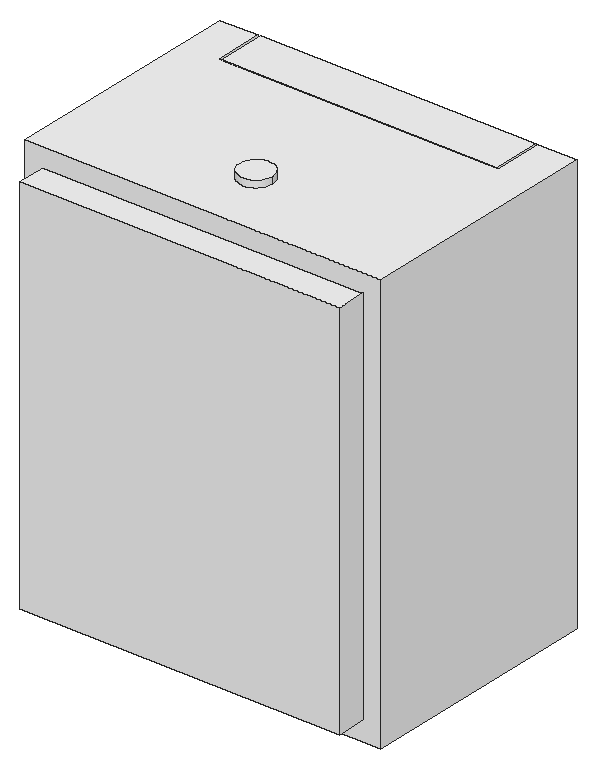
Revit family "Gira_010631", category Electrical Fixtures, host Wall, Revit 2017
Family settings
  Host = Wall
  Maintain Annotation Orientation = No
  Round Connector Dimension = Use Diameter
  Part Type = Normal
  OmniClass Number = 23.80.00.00
  OmniClass Title = Electric Power and Lighting
  Always vertical = Yes
  Cut with Voids When Loaded = No
  Shared = No
  Room Calculation Point = No
Parameters (values of type "Rocker sw. off/2-way in.sp. WD surface-mounted grey")
  With mounting plate = no
  Wiring system = "Two-way switch"
  White = White
  Washing machine switch = no
  URL = "https://www.gira.de/"
  Type of lighting = "Not included"
  Type of fastening = "Screw mounting"
  Type Comments = ""
  Surface protection = "Sonstige (*de-DE)"
  Suitable for degree of protection (IP) = "IP66"
  Rated current [Ampere] = 10
  Push button switch = no
  Number of rockers = 1
  Number of modules (module system) = 1
  Nominal voltage [Volt] Number = 250
  Model = ""
  Method of operation = "Rocker/button"
  Material quality = "Sonstige (*de-DE)"
  Material = "Sonstige (*de-DE)"
  Manufacturer = "Gira"
  Label space/information surface = "yes"
  Keynote = ""
  Illumination = "yes"
  HeinzeBIM = "https://www.heinze.de/bim/rocker-sw-off-2-way-in-sp-wd-surface-mounted-grey/28ee3de765269b3a1d2b4c9ef07b6f8e0d244692"
  Halogen free = no
  HAN = "010631"
  GTIN = "4010337106319"
  Function lighting = "Illuminated (on)"
  Feedback-signal contact = no
  Description = "Rock.sw.off 2-w WT SM GY Rocker switch 10 AX 250 V~ with inscription space Universal off 2-way switch grey Notes : - Can also be connected with illumination."
  Cost = 0
  Connection type = "Plug clamp"
  Colour = "Grey"
  BIMSITE_PRODUCT_ID = "28ee3de765269b3a1d2b4c9ef07b6f8e0d244692"
  BIM = "https://media.live.bim.site/t/eyJhbGciOiJIUzI1NiIsInR5cCI6IkpXVCJ9.eyJjdCI6MSwidGYiOiJwdWJsaWMvZ2lyYS8wOWY1ZGI1L0lQNDRfS29tcGxldHRnZXLDpHRfU2NoYWx0ZW4gdW5kIFRhc3Rlbi5yZmEiLCJjaWQiOiJmZWQ5OGU5YS0xYmQ4LTRjNjgtYTczYi03NGE5NGUzMTU4MjMiLCJyaWQiOiJiOWY2MjgxNTQzZTcwZjY2NzA5YmU0M2RlZDNjNjA1OCIsInBpZCI6IjI4ZWUzZGU3NjUyNjliM2ExZDJiNGM5ZWYwN2I2ZjhlMGQyNDQ2OTIiLCJzaWQiOiI2MzQ3MCIsInV0Ijo1LCJsYyI6ImVuIiwiaWF0IjoxNjA3NTI0MzQyLCJpc3MiOiJodHRwczovL2FwaS5saXZlLmJpbS5zaXRlIiwic3ViIjoiOGQzYWE1Y2ItZTA2Ni00NTk4LWJlMTYtNmUxNmVlNzQ5NTZhIn0.cbj4taQzG8LjQ0sPdSjZqVV77uv9vpGGLuM-6oA_xpw/IP44_Komplettgerät_Schalten und Tasten.rfa"
  Assembly arrangement = "Basic element with complete housing"
  Assembly Code = ""
Reference planes
  plane 1: y = 0
  plane 2 "Center (Left/Right)": x = 125
  plane 3 "Back": y = 75
Forms (mm)
  Extrusion 1, solid, material "White" <- "White", detail levels fine
    sketch origin (0, 75, 0) x (1, 0, 0) y (0, 0, 1)
      loop
        line (154.5, 90) -> (95.5, 90) -> (95.5, 85.5) -> (154.5, 85.5) -> (154.5, 90)
    from -52.3 to -41.9
  Extrusion 2, solid, material "White" <- "White", detail levels fine
    sketch origin (0, 75, 0) x (1, 0, 0) y (0, 0, 1)
      loop
        line (154.5, 72) -> (154.5, 85) -> (95.5, 85) -> (95.5, 72) -> (154.5, 72)
    from -52.3 to -41.9
  Extrusion 3, solid, material "White" <- "White", detail levels medium+fine
    sketch origin (0, 75, 0) x (1, 0, 0) y (0, 0, 1)
      loop
        line (159.2, 86) -> (90.8, 86) -> (90.8, 4) -> (159.2, 4) -> (159.2, 86)
    from 0 to 6.2
  Extrusion 4, solid, material "White" <- "White", detail levels fine
    sketch origin (0, 75, 0) x (1, 0, 0) y (0, 0, 1)
      loop
        line (163.2, 90) -> (86.8, 90) -> (86.8, 0) -> (163.2, 0) -> (163.2, 90)
    from 0 to -52.3
  Extrusion 5, void
    sketch origin (0, 75, 0) x (1, 0, 0) y (0, 0, 1)
      loop
        line (95, 90.5) -> (95, 8.6) -> (155, 8.6) -> (155, 90.5) -> (95, 90.5)
    from -41.9 to -57.5
  Extrusion 6, solid, material "White" <- "White", detail levels medium
    sketch origin (0, 75, 0) x (1, 0, 0) y (0, 0, 1)
      loop
        line (154.5, 90) -> (95.5, 90) -> (95.5, 9.1) -> (154.5, 9.1) -> (154.5, 90)
    from -52.3 to -41.9
  Extrusion 7, solid, material "White" <- "White", detail levels coarse
    sketch origin (0, 75, 0) x (1, 0, 0) y (0, 0, 1)
      loop
        line (163.2, 91.4) -> (86.8, 91.4) -> (86.8, 0) -> (163.2, 0) -> (163.2, 91.4)
    from 6.2 to -52.3
  Extrusion 8, solid, material "White" <- "White", detail levels medium+fine
    sketch origin (163.2, 75, 90) x (-1, 0, 0) y (0, -1, 0)
      loop
        circle (38.2, -14.2) r 3.55
    from 0 to 1.4
  Extrusion 9, solid, material "White" <- "White", detail levels medium
    sketch origin (0, 75, 0) x (1, 0, 0) y (0, 0, 1)
      loop
        line (163.2, 90) -> (86.8, 90) -> (86.8, 0) -> (163.2, 0) -> (163.2, 90)
    from 0 to -52.3
  Extrusion 10, solid, material "White" <- "White", detail levels fine
    sketch origin (0, 75, 0) x (1, 0, 0) y (0, 0, 1)
      loop
        line (128.7, 43.6) -> (121.3, 43.6)
        arc (121.3, 43.6) -> (119, 41.3) -> (121.3, 39) r 2.3
        line (121.3, 39) -> (128.7, 39)
        arc (128.7, 39) -> (131, 41.3) -> (128.7, 43.6) r 2.3
    from -41.9 to -51.167
Cuts and joins
  Extrusion 5 cuts Extrusion 4
Text (mm)
  text "Placement side" at (-1867.185, 1116.779, 0), in view "Ref. Level"
  text "Placement side" at (0, 1270.507, 3001.832), in view "Left"
  text "Placement side" at (0, 530.812, 2999.686), in view "Right"
Dimensions and locks
  locked: plane 3 "Back" to host wall
  cut or joined group of Extrusion 4, Extrusion 5 to Extrusion 8 sketch curve = 14.2 mm
  aligned and locked: plane 1 to host wall
  aligned and locked: Extrusion 8 to Extrusion 6
  aligned and locked: cut or joined group of Extrusion 4, Extrusion 5 to nested 1
  aligned and locked: Extrusion 6 to nested 1
  aligned and locked: plane 3 "Back" to nested 2
Nested families
  nested 1: "Family5" at (125, 116.9, 9.1), type "Family5", detail levels fine
  nested 2: "1040099" at (125, 75, 0), type "1040099"
Connectors
  electrical at (125, 68.8, 45)
    settings: on Extrusion 3, index 1, voltage 220 V, apparent load 0 VA, apparent load phase1 0 VA, apparent load phase2 0 VA, apparent load phase3 0 VA, power factor 1, load classification "Other", number of poles 1, system type 31, power factor state 1, is connector primary yes, connector utility no, sub classification motor no, connector description ""
Definition of nested family "Family5"
  Parameters
    white = none
  Reference planes
    plane 1 "Center (Front/Back)": y = 0
    plane 2: z = 0
    plane 3 "Center (Left/Right)": x = 0
    plane 4: z = 63
    plane 5: y = 10
    plane 6: x = 29.5
    plane 7: x = -29.5
  Forms (mm)
    Extrusion 1, solid, material <- "white"
      sketch origin (0, 0, 0) x (0, 1, 0) y (0, 0, 1)
        loop
          line (0, 63) -> (0, 0) -> (10, 1.763) -> (5.815, 61.617) -> (0, 63)
      from -29.5 to 29.5
  Dimensions and locks
    aligned and locked: level to plane 2
Definition of nested family "1040099"
  Reference planes
    plane 1: y = 0
    plane 2: x = 0
